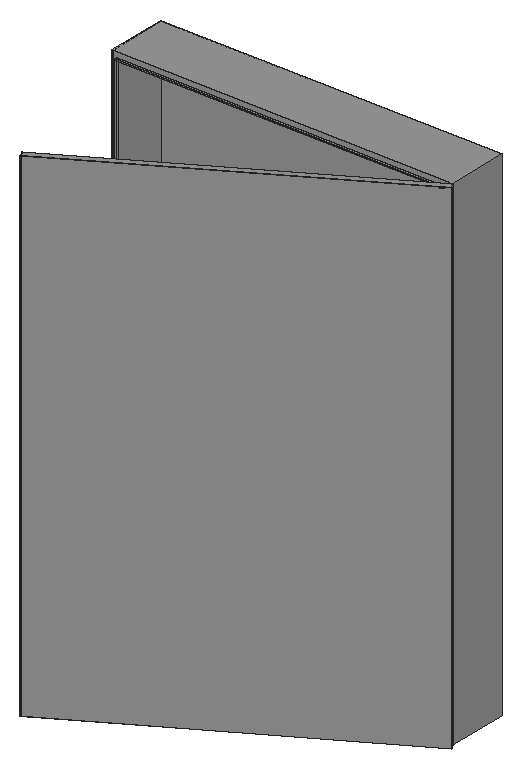
Revit family "Hager-Univers-IP54-D205-H550-Cl.I-encl-NoHosted-DE-de", category Equipement électrique, Revit 2020
Family settings
  Configuration du panneau = Deux colonnes, circuits au sein
  Cote de connecteur circulaire = Utiliser le diamètre
  Type d'élément = Tableau de raccordement
  Basée sur le plan de construction = Oui
  Toujours verticalement = Oui
  Couper avec des vides une fois chargée = Non
  Partagée = Non
  Point de calcul de pièce = Non
Parameters (values of type "Aufputz IP54 B1050 H1550 T205  - FP04TW2")
  Width Control [instance] = if([EF000008 - Breite] > Min Width, [EF000008 - Breite], Min Width)  # 1050 mm
  Commentaires du type = [HG000003 - Bereich]  # "Univers"
  Thickness Door [instance] = if([EF009171 - Materialstärke Tür/Deckel] > 3 mm, 3 mm, [EF009171 - Materialstärke Tür/Deckel])  # 1 mm
  Seal Frame Offset [instance] = 17 mm  # constant formula
  Plinth Visibility [instance] = [HG000027 - Sockelhöhe] > 0 mm  # no
  Min Width [instance] = 100 mm  # constant formula
  Min Depth [instance] = (2 * [EF009170 - Materialstärke Gehäuse]) + 1 mm  # 3 mm
  Min Height [instance] = 100 mm  # constant formula
  Internal Frame Depth [instance] = (Door System Depth * 0.5)  # 9 mm
  Panel Name [instance] = ""  # (empty or 0)
  Model = ""
  HG000027 - Sockelhöhe = 0 mm
  HG000026 - Stehend auf dem Boden = no
  HG000024 - Höhe des unteren Teils = 600 mm
  HG000023 - Gehäuse mit doppeltem Querschnitt = no
  HG000016 - 3D-Türsichtbarkeit [instance] = yes
  HG000015 - Sichtbarkeit der Türöffnung [instance] = no
  HG000014 - Tür rechts [instance] = yes
  HG000013 - Tür links [instance] = not([HG000014 - Tür rechts])  # no
  HG000012 - Türschwenkwinkel [instance] = 30.00°
  HG000010 - Asymmetrische Türen = no
  HG000009 - Doppelflügeligen Tür = no
  HG000006 - Unterputz = no
  HG000004 - Herstellerreferenz = "FP04TW2"
  HG000003 - Bereich = "Univers"
  HG000002 - Mit tür = yes
  Frame Offset Bottom [instance] = 10 mm  # constant formula
  Frame Offset [instance] = 15 mm  # constant formula
  EF015940 - Deckel mit Überdruckentlastung = no
  EF011959 - Schutzart (NEMA) = ""
  EF009554 - Anzahl der Öffnungen für Flanschplatten = 8
  EF009212 - Ausführung Deckel = "EV000116 - geschlossen"
  EF009171 - Materialstärke Tür/Deckel = 1 mm
  EF009170 - Materialstärke Gehäuse = 1 mm
  EF008873 - Nennstrom (In) = 400 A
  EF007800 - Geeignet für Blitzschutz = no
  EF006306 - Mit Schloss = no
  EF006244 - Transparenter Deckel/Tür = no
  EF005474 - Schutzart (IP) = "EV006419 - IP54"
  EF004464 - Art der Tür = "EV003602 - Doppel"
  EF004427 - Anzahl der Module = 480
  EF004293 - Schlagfestigkeit = "EV006815 - IK09"
  EF003532 - Geeignet für Außengebrauch = no
  EF002950 - Breite in Teilungseinheiten = 48
  EF001613 - Funktionserhalt = "EV000494 - ohne"
  EF001596 - Werkstoff des Gehäuses = "EV000179 - Stahl"
  EF001131 - Innentiefe = 205 mm
  EF001088 - Anbaumöglichkeit = yes
  EF000437 - Anzahl der Leitungseinführungen = 8
  EF000339 - Art der Abdeckung = "EV001012 - Deckel"
  EF000266 - Anzahl der Reihen = 10
  EF000218 - Einbautiefe = 205 mm
  EF000118 - Mit Montageplatte = no
  EF000116 - RAL-Nummer = "9010"
  EF000049 - Tiefe = 205 mm
  EF000040 - Höhe = 1550 mm
  EF000008 - Breite = 1050 mm
  EF000007 - Farbe = "EV000202 - weiß"
  EF000003 - Montageart = "EV000384 - Aufputz"
  Door System Leaf Tolerance [instance] = 1.5 mm  # constant formula
  Door System Depth [instance] = 18 mm  # constant formula
  Door Height [instance] = Height Control - [HG000027 - Sockelhöhe]  # 1550 mm
  Description = ""
  Default Elevation = 1219.2 mm
  Connector Offset [instance] = Height Control / 2  # 775 mm
  Fabricant = "Hager"  # constant formula
  Height Control [instance] = if([EF000040 - Höhe] > Min Height, [EF000040 - Höhe], Min Height)  # 1550 mm
  Depth Control [instance] = if([EF000049 - Tiefe] > Min Depth, [EF000049 - Tiefe], Min Depth)  # 205 mm
  Bottom Top Plate Trim [instance] = 1.5 mm  # constant formula
  Plinth height Ctrl [instance] = if([HG000027 - Sockelhöhe] > 0 mm, [HG000027 - Sockelhöhe], 12 mm)  # 12 mm
Reference planes
  plane 1 "Center (Front/Back)": y = 0
  plane 2: z = 0
  plane 3 "Center (Left/Right)": x = 0
  plane 4: y = 0
  plane 5: y = 0
  plane 6: z = 0
  plane 7: x = -525
  plane 8: x = 525
  plane 9: x = 524
  plane 10: x = -524
  plane 11: z = 0
  plane 12: z = 1
  plane 13: y = -205
  plane 14: y = -1
  plane 15: x = 0
  plane 16: y = -187
  plane 17: y = -204
  plane 18: y = -186
  plane 19: x = -509
  plane 20: x = 509
  plane 21: z = 11
  plane 22: x = -508
  plane 23: x = 508
  plane 24: z = 0
  plane 25: z = 1550
  plane 26: z = 1550
  plane 27: z = 1534
  plane 28: z = 1549
Forms (mm)
  Extrusion 1, solid, material "Hager_Steel_RAL7035_Light_Grey", detail levels medium+fine
    sketch origin (-208.679, -4572, 0) x (-1, 0, 0) y (0, -1, 0)
      loop
        line (316.321, -4385) -> (-733.679, -4385) -> (-733.679, -4572) -> (316.321, -4572) -> (316.321, -4385)
    from 0 to 1550
  Extrusion 2, void
    sketch origin (-350.771, -205, 1219.2) x (1, 0, 0) y (0, 0, 1)
      loop
        line (-173.229, 329.8) -> (-173.229, -1218.2) -> (874.771, -1218.2) -> (874.771, 329.8) -> (-173.229, 329.8)
    from -19 to -204
  Extrusion 3, void
    sketch origin (-290.084, -187, 1219.2) x (1, 0, 0) y (0, 0, 1)
      loop
        line (-218.916, -1208.2) -> (799.084, -1208.2) -> (799.084, 314.8) -> (-218.916, 314.8) -> (-218.916, -1208.2)
    from 0 to -1
  Extrusion 4, solid, material "Hager_Steel_RAL7035_Light_Grey", visible <- "Plinth Visibility", detail levels medium+fine
    sketch origin (0, 0, 0) x (1, 0, 0) y (0, 1, 0)
      loop
        line (-525, 0) -> (-525, -187) -> (525, -187) -> (525, 0) -> (-525, 0)
    from 0 to 12 <- "Plinth height Ctrl"
  Extrusion 5, solid, material "Hager_Steel_RAL7035_Light_Grey", detail levels coarse
    sketch origin (0, 0, 0) x (1, 0, 0) y (0, 1, 0)
      loop
        line (-525, 0) -> (-525, -205) -> (525, -205) -> (525, 0) -> (-525, 0)
    from 0 to 1550 <- "Height Control"
  Sweep 6, void
    path in 3D
      loop
        line (-525, -187, 12) -> (525, -187, 12) -> (525, 0, 12) -> (-525, 0, 12) -> (-525, -187, 12)
    profile origin (-525, -93.5, 12) x (1, 0, 0) y (0, 0, 1)
      loop
        line (0, 0) -> (0, -1.5) -> (1.5, -1.5)
        arc (1.5, -1.5) -> (1.061, -0.439) -> (0, 0) r 1.5
  Extrusion 7, solid, material "Hager_Steel_RAL7035_Light_Grey", detail levels fine
    sketch origin (-525, -187, 0) x (1, 0, 0) y (0, 0, 1)
      loop
        line (16, 11) -> (1034, 11) -> (1034, 1534) -> (16, 1534) -> (16, 11)
      loop
        line (15, 10) -> (1035, 10) -> (1035, 1535) -> (15, 1535) -> (15, 10)
    from 0 to 9 <- "Internal Frame Depth"
Cuts and joins
  Extrusion 2, Extrusion 3 cuts Extrusion 1
  Sweep 6 cuts Extrusion 4
Lines and regions (mm)
  Masking region 1
    outline origin (0, 0, 0) x (1, 0, 0) y (0, 1, 0)
      loop
        line (-525, 0) -> (-525, -205) -> (525, -205) -> (525, 0) -> (-525, 0)
  Masking region 2, detail levels coarse
    outline origin (-290.084, -187, 1219.2) x (-1, 0, 0) y (0, 0, 1)
      loop
        line (-815.084, -1219.2) -> (234.916, -1219.2) -> (234.916, 330.8) -> (-815.084, 330.8) -> (-815.084, -1219.2)
  Masking region 3, detail levels coarse
    outline origin (0, 0, 0) x (0, 1, 0) y (0, 0, 1)
      loop
        line (0, 0) -> (0, 1550) -> (-205, 1550) -> (-205, 0) -> (0, 0)
  Masking region 4, visible <- "Plinth Visibility", detail levels medium+fine
    outline origin (0, 0, 0) x (0, 1, 0) y (0, 0, 1)
      loop
        line (-1.5, 12) -> (-185.5, 12)
        arc (-185.5, 12) -> (-185.939, 10.939) -> (-187, 10.5) r 1.5
        line (-187, 10.5) -> (-187, 0) -> (0, 0) -> (0, 10.5)
        arc (0, 10.5) -> (-1.061, 10.939) -> (-1.5, 12) r 1.5
  Masking region 5, detail levels medium+fine
    outline origin (0, 0, 594.038) x (0, 1, 0) y (0, 0, 1)
      loop
        line (0, -594.038) -> (0, 955.962) -> (-187, 955.962) -> (-187, -594.038) -> (0, -594.038)
  Masking region 6, detail levels medium+fine
    outline origin (-359.7, -187, 1211.883) x (-1, 0, 0) y (0, 0, 1)
      loop
        line (-884.7, -1211.883) -> (165.3, -1211.883) -> (165.3, 338.117) -> (-884.7, 338.117) -> (-884.7, -1211.883)
  Masking region 7, visible <- "Plinth Visibility", detail levels medium+fine
    outline origin (-320.334, -187, 1041.368) x (-1, 0, 0) y (0, 0, 1)
      loop
        line (-845.334, -1041.368) -> (204.666, -1041.368) -> (204.666, -1030.868)
        arc (204.666, -1030.868) -> (203.606, -1030.429) -> (203.166, -1029.368) r 1.5
        line (203.166, -1029.368) -> (-843.834, -1029.368)
        arc (-843.834, -1029.368) -> (-844.273, -1030.429) -> (-845.334, -1030.868) r 1.5
        line (-845.334, -1030.868) -> (-845.334, -1041.368)
  sketch lines
    curve 1: line (-525, 0, 12) -> (-525, -187, 12)
    curve 2: line (-525, -187, 12) -> (525, -187, 12)
    curve 3: line (525, 0, 12) -> (-525, 0, 12)
    curve 4: line (525, -187, 12) -> (525, 0, 12)
Dimensions and locks
  locked: plane 1 "Center (Front/Back)" to plane 5
  "EF009170 - Materialstärke Gehäuse": plane 7 to plane 10
  "EF009170 - Materialstärke Gehäuse": plane 8 to plane 9
  equal spacing: plane 7, plane 3 "Center (Left/Right)", plane 8
  "Width Control": plane 7 to plane 8
  "Depth Control": plane 4 to plane 13
  "EF009170 - Materialstärke Gehäuse": plane 4 to plane 14
  "Height Control": plane 25 to level
  "HG000027 - Sockelhöhe": plane 11 to level
  "EF009170 - Materialstärke Gehäuse": plane 12 to plane 11
  "EF009170 - Materialstärke Gehäuse": plane 17 to plane 13
  "EF009170 - Materialstärke Gehäuse": plane 18 to plane 16
  "Frame Offset Bottom": plane 21 to plane 12
  "Frame Offset": plane 10 to plane 19
  "Frame Offset": plane 9 to plane 20
  "Door System Depth": plane 16 to plane 13
  "Seal Frame Offset": plane 7 to plane 22
  "Seal Frame Offset": plane 8 to plane 23
  "EF009170 - Materialstärke Gehäuse": plane 26 to plane 28
  "Frame Offset": plane 28 to plane 27
  "Connector Offset": plane 2 to connector elem
  "Bottom Top Plate Trim": profile plane to Sweep 6 sketch curve
  "Bottom Top Plate Trim": Sweep 6 sketch curve to Sweep 6 sketch curve
  "Plinth height Ctrl": Masking region 4 sketch curve to level
  "Plinth height Ctrl": Masking region 7 sketch curve to level
  "Thickness Door": Extrusion 7 sketch curve to Extrusion 7 sketch curve  (x4)
  "Bottom Top Plate Trim": radius of Sweep 6 sketch curve
  "Bottom Top Plate Trim": radius of Masking region 4 sketch curve  (x2)
  "Bottom Top Plate Trim": radius of Masking region 7 sketch curve  (x2)
  aligned and locked: Extrusion 2 sketch curve to plane 12
  aligned and locked: Extrusion 2 sketch curve to plane 9
  aligned and locked: Extrusion 2 sketch curve to plane 10
  aligned and locked: Extrusion 2 to plane 14
  aligned and locked: Extrusion 1 sketch curve to plane 4
  aligned and locked: plane 8 to Extrusion 1 sketch curve
  aligned and locked: plane 7 to Extrusion 1 sketch curve
  aligned and locked: Extrusion 2 to plane 18
  aligned and locked: Extrusion 3 sketch curve to plane 19
  aligned and locked: plane 20 to Extrusion 3 sketch curve
  aligned and locked: Extrusion 3 to Extrusion 2
  aligned and locked: Extrusion 3 sketch curve to plane 21
  aligned and locked: plane 3 "Center (Left/Right)" to nested 1
  aligned and locked: Extrusion 1 sketch curve to plane 16
  aligned and locked: Extrusion 4 sketch curve to cut or joined group of Extrusion 1, Extrusion 2, Extrusion 3
  aligned and locked: Masking region 1 sketch curve to plane 7
  aligned and locked: Masking region 1 sketch curve to plane 5
  aligned and locked: Masking region 1 sketch curve to plane 8
  aligned and locked: Masking region 2 sketch curve to level
  aligned and locked: level to Masking region 3 sketch curve
  aligned and locked: plane 1 "Center (Front/Back)" to Masking region 3 sketch curve
  aligned and locked: plane 13 to Masking region 3 sketch curve
  aligned and locked: plane 5 to Masking region 4 sketch curve
  aligned and locked: Masking region 2 sketch curve to plane 8
  aligned and locked: Masking region 2 sketch curve to plane 7
  aligned and locked: plane 7 to nested 2
  aligned and locked: nested 2 to plane 5
  aligned and locked: plane 5 to Masking region 5 sketch curve
  aligned and locked: plane 26 to Masking region 5 sketch curve
  aligned and locked: Extrusion 5 sketch curve to plane 8
  aligned and locked: Extrusion 5 sketch curve to plane 7
  aligned and locked: Extrusion 5 sketch curve to plane 5
  aligned and locked: Extrusion 3 sketch curve to plane 27
  aligned and locked: Extrusion 2 sketch curve to plane 28
  aligned and locked: Masking region 2 to plane 25
  aligned and locked: Extrusion 4 to plane 16
  aligned and locked: profile plane to Sweep 6 sketch curve
  aligned and locked: Masking region 5 sketch curve to plane 24
  aligned and locked: level to Masking region 4 sketch curve
  aligned and locked: Masking region 1 to plane 13
  aligned and locked: nested 1 to plane 16
  aligned and locked: Masking region 3 to plane 25
  aligned and locked: plane 16 to Masking region 4 sketch curve
  aligned and locked: Masking region 5 sketch curve to plane 16
  aligned and locked: plane 24 to plane 11
  aligned and locked: plane 26 to plane 25
  aligned and locked: plane 26 to cut or joined group of Extrusion 1, Extrusion 2, Extrusion 3
  aligned and locked: nested 1 to plane 24
  aligned and locked: Extrusion 1 to Extrusion 3
  aligned and locked: Masking region 6 sketch curve to plane 8
  aligned and locked: Masking region 6 sketch curve to plane 24
  aligned and locked: Masking region 6 sketch curve to plane 7
  aligned and locked: Masking region 6 sketch curve to plane 26
  aligned and locked: Masking region 7 sketch curve to plane 7
  aligned and locked: level to Masking region 7 sketch curve
  aligned and locked: Masking region 7 sketch curve to plane 8
  aligned and locked: Extrusion 7 sketch curve to cut or joined group of Extrusion 1, Extrusion 2, Extrusion 3  (x4)
Automatic sketch dimensions
  plane 19 to Extrusion 3 sketch curve = 0 mm
  Extrusion 3 sketch curve to plane 20 = 0 mm
  Extrusion 3 sketch curve to plane 21 = 0 mm
  Extrusion 4 sketch curve to plane 7 = 0 mm
  Extrusion 4 sketch curve to plane 8 = 0 mm
  Extrusion 4 sketch curve to plane 16 = 0 mm
  Masking region 1 sketch curve to plane 13 = 0 mm
  Masking region 2 sketch curve to plane 25 = 0 mm
  Masking region 3 sketch curve to plane 25 = 0 mm
  Extrusion 5 sketch curve to plane 13 = 0 mm
  profile plane to Sweep 6 sketch curve = 0 mm
Nested families
  nested 1: "EC000058_Univers_Door" at (0, -187, 0), Double <- "HG000009 - Doppelflügeligen Tür", Transparent <- "EF006244 - Transparenter Deckel/Tür", Angle <- "HG000012 - Türschwenkwinkel", Door_Right <- "HG000014 - Tür rechts", Assymetrical <- "HG000010 - Asymmetrische Türen", Door <- "HG000002 - Mit tür", Width_Ctrl <- "Width Control", 3d_Door <- "HG000016 - 3D-Türsichtbarkeit", Clearance <- "HG000015 - Sichtbarkeit der Türöffnung", Door_Left <- "HG000013 - Tür links", Width <- "Width Control", Door_Depth <- "Door System Depth", Leaf_Tolerance <- "Door System Leaf Tolerance", Height <- "Door Height", Lock_Visibility <- "EF006306 - Mit Schloss", Thickness <- "Thickness Door", type "EC000058_Univers_Door", detail levels medium+fine
    with min_wh 3 mm, Width_Ctrl 1050 mm, Width 1050 mm, Transparent no, Thickness 1 mm, Seal_Material Hager_Rubber, Lock_Visibility no, Lock_Material Hager_Plastic_RAL9005_Jet_Black, Leaf_Width 1050 mm, Leaf_Tolerance_External_Sides 0 mm, Leaf_Tolerance 1.5 mm, Leaf_Offset 0 mm, Leaf_Height 1547 mm, Leaf_2_Width 1050 mm, Leaf_2_Offset 525 mm, Leaf_1_Width 1050 mm, Leaf_1_Offset 525 mm, Height_Ctrl 1550 mm, Height 1550 mm, Glass_Material Hager_Glass, Double_Clearance_Ctrl no, Double no, Door_Right_Ctrl yes, Door_Right yes, Door_Material Hager_Steel_RAL7035_Light_Grey, Door_Left_Ctrl no, Door_Left no, Door_Depth 18 mm, Door yes, Clearance_Material Hager_Clearance, Clearance_Depth 1050 mm, Clearance_Ctrl no, Clearance no, Assymetrical no, Angle 30.00°, 3d_Door yes
  nested 2: "Hager_Enclosure_Symbol" at (-525, 0, 0), Height <- "Depth Control", Width <- "Width Control", type "Hager_Enclosure_Symbol"
    with Width_Ctrl 1050 mm, Width 1050 mm, Height_Ctrl 205 mm, Height 205 mm, A_Width_Int 13.453 mm, A_Width 161.438 mm, A_Height_Ctrl 179.375 mm, A_Height 179.375 mm
Connectors
  electrical at (0, 0, 775)
    settings: on plane 1 "Center (Front/Back)", index 1, voltage 0 V, apparent load 0 VA, apparent load phase1 0 VA, apparent load phase2 0 VA, apparent load phase3 0 VA, power factor 1, load classification "Other", number of poles 1, system type 30, power factor state 1, is connector primary yes, connector utility no, sub classification motor no, connector description ""
Definition of nested family "EC000058_Univers_Door"
  Parameters (values of type "EC000058_Univers_Door")
    min_wh [instance] = (2 * Thickness) + 1 mm  # 11 mm
    Width_Ctrl [instance] = 400 mm
    Width [instance] = 500 mm
    Transparent [instance] = yes
    Thickness [instance] = 5 mm
    Seal_Material [instance] = none
    Lock_Visibility [instance] = yes
    Lock_Material [instance] = none
    Leaf_Width [instance] = if((Width_Ctrl - 2 * Leaf_Tolerance_External_Sides) > 0 mm, (Width_Ctrl - 2 * Leaf_Tolerance_External_Sides), min_wh)  # 400 mm
    Leaf_Tolerance_External_Sides [instance] = 0 mm  # constant formula
    Leaf_Tolerance [instance] = 1.5 mm
    Leaf_Offset [instance] = 0 mm  # constant formula
    Leaf_Height [instance] = if((Height_Ctrl - 2 * Leaf_Tolerance) > 0 mm, (Height_Ctrl - 2 * Leaf_Tolerance), min_wh)  # 497 mm
    Leaf_2_Width [instance] = if(and(and(Double, Assymetrical), Door_Left), (Leaf_Width / 3) - (Leaf_Tolerance / 2), if(and(and(Double, Assymetrical), Door_Right), (Leaf_Width / 3) * 2 - (Leaf_Tolerance / 2), if(and(Double, not(Assymetrical)), (Leaf_Width / 2) - Leaf_Tolerance, Leaf_Width)))  # 400 mm
    Leaf_2_Offset [instance] = if(and(Double, Assymetrical), Leaf_2_Width / 2, if(and(Double, not(Assymetrical)), Leaf_Width / 4, Leaf_Width / 2))  # 200 mm
    Leaf_1_Width [instance] = if(and(and(Double, Assymetrical), Door_Right), (Leaf_Width / 3) - (Leaf_Tolerance / 2), if(and(and(Double, Assymetrical), Door_Left), (Width / 3) * 2 - (Leaf_Tolerance / 2), if(and(Double, not(Assymetrical)), (Leaf_Width / 2) - Leaf_Tolerance, Leaf_Width)))  # 400 mm
    Leaf_1_Offset [instance] = if(and(Double, Assymetrical), Leaf_1_Width / 2, if(and(Double, not(Assymetrical)), Leaf_Width / 4, Leaf_Width / 2))  # 200 mm
    Height_Ctrl [instance] = if(Height > min_wh, Height, min_wh)  # 500 mm
    Height [instance] = 500 mm
    Glass_Material [instance] = none
    Double_Clearance_Ctrl [instance] = and(Double, Clearance)  # no
    Double [instance] = no
    Door_Right_Ctrl [instance] = and(or(Door_Right, Double), Door)  # yes
    Door_Right [instance] = yes
    Door_Material [instance] = none
    Door_Left_Ctrl [instance] = and(or(Door_Left, Double), Door)  # no
    Door_Left [instance] = no
    Door_Depth [instance] = 30 mm
    Door [instance] = yes
    Default Elevation = 1219.2 mm
    Clearance_Material [instance] = none
    Clearance_Depth [instance] = if(Leaf_1_Width > Leaf_2_Width, Leaf_1_Width, Leaf_2_Width)  # 400 mm
    Clearance_Ctrl [instance] = and(not(Double), Clearance)  # yes
    Clearance [instance] = yes
    Assymetrical [instance] = yes
    Angle [instance] = 30.00°
    3d_Door [instance] = yes
  Reference planes
    plane 1 "Center (Front/Back)": y = 0
    plane 2 "Bottom": z = 0
    plane 3 "Center (Left/Right)": x = 0
    plane 4: z = 500
    plane 5: x = -200
    plane 6: x = 200
    plane 7: z = 500
    plane 8: x = -200
    plane 9: z = 0
    plane 10: x = 200
    plane 11: y = 0
    plane 12: z = 1.5
    plane 13: x = -600
    plane 14: y = -400
    plane 15: x = 600
    plane 16: x = 0
    plane 17: x = 0
    plane 18: x = -200
    plane 19: x = 200
    plane 20: z = 498.5
  Forms (mm)
    Extrusion 1, solid, material <- "Clearance_Material", visible <- "Double_Clearance_Ctrl"
      sketch origin (1200, 0, 0) x (1, 0, 0) y (0, 0, -1)
        loop
          line (-1800, -498.5) -> (-600, -498.5) -> (-600, 0) -> (-1800, 0) -> (-1800, -498.5)
      from 0 to -400
  Dimensions and locks
    equal spacing: plane 5, plane 3 "Center (Left/Right)", plane 6
    "Width_Ctrl": plane 5 to plane 6
    "Leaf_Offset": plane 5 to plane 8
    "Leaf_Offset": plane 6 to plane 10
    "Leaf_Offset": plane 9 to level
    "Leaf_Offset": plane 4 to plane 7
    "Height_Ctrl": plane 4 to level
    "Leaf_Tolerance": plane 12 to plane 9
    locked: plane 11 to plane 1 "Center (Front/Back)"
    "Leaf_1_Offset": plane 18 to plane 16
    "Leaf_2_Offset": plane 17 to plane 19
    "Leaf_1_Width": plane 13 to plane 8
    "Leaf_2_Width": plane 10 to plane 15
    "Clearance_Depth": plane 14 to plane 1 "Center (Front/Back)"
    "Leaf_Tolerance_External_Sides": plane 8 to plane 18
    "Leaf_Tolerance_External_Sides": plane 19 to plane 10
    "Leaf_Tolerance": plane 7 to plane 20
    aligned and locked: level to plane 2 "Bottom"
    aligned and locked: nested 1 to plane 16
    aligned and locked: nested 2 to plane 17
    aligned and locked: Extrusion 1 to plane 13
    aligned and locked: plane 15 to Extrusion 1
    aligned and locked: Extrusion 1 to plane 14
    aligned and locked: plane 12 to nested 1
    aligned and locked: nested 2 to plane 12
    aligned and locked: Extrusion 1 to plane 11
    aligned and locked: plane 20 to Extrusion 1
    aligned and locked: nested 2 to plane 11
    aligned and locked: nested 1 to plane 11
  Automatic sketch dimensions
    Extrusion 1 sketch curve to level = 0 mm
    plane 5 to Extrusion 1 sketch curve = 400 mm
    plane 6 to Extrusion 1 sketch curve = 400 mm
    Extrusion 1 sketch curve to plane 4 = 1.5 mm
  Nested families
    nested 1: "EC000058_Univers_Door_Leaf" at (0, 0, 1.5), Width <- "Leaf_1_Width", visible <- "Door_Left_Ctrl", Leaf_Height <- "Leaf_Height", Angle <- "Angle", 3d_Door <- "3d_Door", Transparent <- "Transparent", Clearance Material <- "Clearance_Material", Clearance <- "Clearance_Ctrl", Door_Material <- "Door_Material", Glass_Material <- "Glass_Material", Door_Depth <- "Door_Depth", Lock_Material <- "Lock_Material", Seal_Material <- "Seal_Material", Lock_Visibility <- "Lock_Visibility", Thickness <- "Thickness", type "EC000058_Univers_Door_Leaf"
      with Width 400 mm, Transparent_Glass_Offset 30 mm, Transparent_Ctrl yes, Transparent yes, Thickness 5 mm, Standard no, Seal_Material none, Seal_D2 8 mm, Seal_D1 1 mm, Offset_Internal_Frame 10 mm, Lock_Width 20 mm, Lock_Visibility_3d yes, Lock_Visibility yes, Lock_Thickness_3 3 mm, Lock_Thickness_2 1 mm, Lock_Thickness_1 3 mm, Lock_Radius_Offset_2 16 mm, Lock_Radius_Offset_1 15 mm, Lock_Radius_2 5 mm, Lock_Radius 6 mm, Lock_Offset 5 mm, Lock_Material none, Lock_Height 80 mm, Lock_Cover_Top_Offset_2d 17 mm, Lock_Cover_Height -65 mm, Leaf_Height 497 mm, Internal_Seal_Thickness 8 mm, Internal_Seal_Depth_2 4.5 mm, Internal_Frame_Depth 25 mm, Glass_Thickness -1 mm, Glass_Offset -2 mm, Glass_Material none, Door_Material none, Door_Depth 30 mm, Clearance Material none, Clearance yes, Angle_Ctrl 30.00°, Angle 30.00°, 3d_Door yes
    nested 2: "EC000058_Univers_Door_Leaf" at (0, 0, 1.5) x (-1, 0, 0) z (0, 0, 1), Width <- "Leaf_2_Width", visible <- "Door_Right_Ctrl", Leaf_Height <- "Leaf_Height", Angle <- "Angle", 3d_Door <- "3d_Door", Transparent <- "Transparent", Clearance Material <- "Clearance_Material", Clearance <- "Clearance_Ctrl", Door_Material <- "Door_Material", Glass_Material <- "Glass_Material", Door_Depth <- "Door_Depth", Lock_Material <- "Lock_Material", Seal_Material <- "Seal_Material", Lock_Visibility <- "Lock_Visibility", Thickness <- "Thickness", type "EC000058_Univers_Door_Leaf"
      with Width 400 mm, Transparent_Glass_Offset 30 mm, Transparent_Ctrl yes, Transparent yes, Thickness 5 mm, Standard no, Seal_Material none, Seal_D2 8 mm, Seal_D1 1 mm, Offset_Internal_Frame 10 mm, Lock_Width 20 mm, Lock_Visibility_3d yes, Lock_Visibility yes, Lock_Thickness_3 3 mm, Lock_Thickness_2 1 mm, Lock_Thickness_1 3 mm, Lock_Radius_Offset_2 16 mm, Lock_Radius_Offset_1 15 mm, Lock_Radius_2 5 mm, Lock_Radius 6 mm, Lock_Offset 5 mm, Lock_Material none, Lock_Height 80 mm, Lock_Cover_Top_Offset_2d 17 mm, Lock_Cover_Height -65 mm, Leaf_Height 497 mm, Internal_Seal_Thickness 8 mm, Internal_Seal_Depth_2 4.5 mm, Internal_Frame_Depth 25 mm, Glass_Thickness -1 mm, Glass_Offset -2 mm, Glass_Material none, Door_Material none, Door_Depth 30 mm, Clearance Material none, Clearance yes, Angle_Ctrl 30.00°, Angle 30.00°, 3d_Door yes
  Definition of nested family "EC000058_Univers_Door_Leaf"
    Parameters (values of type "EC000058_Univers_Door_Leaf")
      Width [instance] = 2000 mm
      Transparent_Glass_Offset [instance] = 30 mm
      Transparent_Ctrl [instance] = and(Transparent, [3d_Door])  # yes
      Transparent [instance] = yes
      Thickness [instance] = 5 mm
      Standard [instance] = and(not(Transparent), [3d_Door])  # no
      Seal_Material [instance] = none
      Seal_D2 [instance] = 8 mm  # constant formula
      Seal_D1 [instance] = 1 mm  # constant formula
      Offset_Internal_Frame [instance] = 10 mm  # constant formula
      Lock_Width [instance] = 20 mm  # constant formula
      Lock_Visibility_3d [instance] = and(Lock_Visibility, [3d_Door])  # yes
      Lock_Visibility [instance] = yes
      Lock_Thickness_3 [instance] = 3 mm  # constant formula
      Lock_Thickness_2 [instance] = 1 mm  # constant formula
      Lock_Thickness_1 [instance] = 3 mm  # constant formula
      Lock_Radius_Offset_2 [instance] = Lock_Radius_Offset_1 + 1 mm  # 16 mm
      Lock_Radius_Offset_1 [instance] = 15 mm  # constant formula
      Lock_Radius_2 [instance] = Lock_Radius - 1 mm  # 5 mm
      Lock_Radius [instance] = 6 mm  # constant formula
      Lock_Offset [instance] = 5 mm  # constant formula
      Lock_Material [instance] = none
      Lock_Height [instance] = 80 mm  # constant formula
      Lock_Cover_Top_Offset_2d [instance] = Lock_Radius_Offset_2 + 1 mm  # 17 mm
      Lock_Cover_Height [instance] = -(Lock_Height - Lock_Radius_Offset_1)  # -65 mm
      Leaf_Height [instance] = 2720.336 mm
      Internal_Seal_Thickness [instance] = 8 mm  # constant formula
      Internal_Seal_Depth_2 [instance] = 4.5 mm  # constant formula
      Internal_Frame_Depth [instance] = if(Door_Depth - Thickness > 5 mm, Door_Depth - Thickness, 5 mm)  # 25 mm
      Glass_Thickness [instance] = if(Thickness > 15 mm, Glass_Offset + 10 mm, -1 mm)  # -1 mm
      Glass_Offset [instance] = if(Thickness > 15 mm, -(Thickness + 10 mm) / 2, -2 mm)  # -2 mm
      Glass_Material [instance] = none
      Door_Material [instance] = none
      Door_Depth [instance] = 30 mm
      Default Elevation = 0 mm
      Clearance Material [instance] = none
      Clearance [instance] = yes
      Angle_Ctrl [instance] = if(Angle > 180.00°, 180.00°, Angle)  # 90.00°
      Angle [instance] = 90.00°
      3d_Door [instance] = yes
    Reference planes
      plane 1 "Center (Front/Back)": y = 0
      plane 2: z = 0
      plane 3 "Center (Left/Right)": x = 0
      plane 4: y = 2000
      plane 5: x = -1000
      plane 6: x = 1000
      plane 7: x = -3000
      plane 8: z = 2720.336
      plane 9: z = 30
      plane 10: z = 2690.336
      plane 11: x = 970
      plane 12: x = -970
      plane 13: y = -3
      plane 14: z = 107.833
      plane 15: y = -5
      plane 16: y = -223.314
      plane 17: x = -1000
      plane 18: z = 1360.168
      plane 19: y = 30
    Forms (mm)
      Extrusion 1, solid, material <- "Clearance Material", visible <- "Clearance"
        sketch origin (0, 0, 0) x (1, 0, 0) y (0, 0, 1)
          loop
            line (-3000, 2720.336) -> (-3000, 0) -> (1000, 0) -> (1000, 2720.336) -> (-3000, 2720.336)
        from 0 to -2000
      Extrusion 2, solid, material <- "Door_Material", visible <- "Standard", detail levels medium+fine
        sketch origin (-1000, 0, 0) x (0, 1, 0) y (-1, 0, 0)
          loop
            line (0, 30) -> (0, 25) -> (2000, 25) -> (2000, 30) -> (0, 30)
        from 0 to 2720.336 <- "Leaf_Height"
      Extrusion 3, solid, material <- "Door_Material", visible <- "Transparent_Ctrl", detail levels medium+fine
        sketch origin (-1000, 0, 0) x (0, 1, 0) y (-1, 0, 0)
          loop
            line (0, 25) -> (2000, 25) -> (2000, 30) -> (0, 30) -> (0, 25)
        from 0 to 2720.336 <- "Leaf_Height"
      Extrusion 4, void
        sketch origin (-1025, 2000, 0) x (0, 1, 0) y (0, 0, -1)
          loop
            line (-30, -2690.336) -> (-30, -30) -> (-1970, -30) -> (-1970, -2690.336) -> (-30, -2690.336)
        from 0 to 5 <- "Thickness"
      Sweep 5, solid, material <- "Seal_Material", visible <- "Transparent_Ctrl", detail levels fine
        path in 3D
          loop
            line (-1025, 30, 30) -> (-1025, 30, 2690.336) -> (-1025, 1970, 2690.336) -> (-1025, 1970, 30) -> (-1025, 30, 30)
        profile origin (-1025, 1000, 30) x (1, 0, 0) y (0, 0, 1)
          loop
            line (0, 0) -> (0, -8) -> (1, -8) -> (1, 0) -> (0, 0)
      Extrusion 6, solid, material <- "Glass_Material", visible <- "Transparent_Ctrl", detail levels medium+fine
        sketch origin (-1030, 0, 0) x (0, 1, 0) y (0, 0, -1)
          loop
            line (1970, -2690.336) -> (1970, -30) -> (30, -30) -> (30, -2690.336) -> (1970, -2690.336)
        from -2 <- "Glass_Offset" to -1 <- "Glass_Thickness"
      Extrusion 7, solid, material <- "Door_Material", visible <- "3d_Door", detail levels medium+fine
        sketch origin (-1025, 2000, 0) x (0, -1, 0) y (0, 0, -1)
          loop
            line (0, -2720.336) -> (2000, -2720.336) -> (2000, 0) -> (0, 0) -> (0, -2720.336)
          loop
            line (1995, -5) -> (5, -5) -> (5, -2715.336) -> (1995, -2715.336) -> (1995, -5)
        from 0 to 25 <- "Internal_Frame_Depth"
      Sweep 8, solid, material <- "Seal_Material", visible <- "Transparent_Ctrl", detail levels fine
        path in 3D
          loop
            line (-1025, 0, 0) -> (-1025, 2000, 0) -> (-1025, 2000, 2720.336) -> (-1025, 0, 2720.336) -> (-1025, 0, 0)
        profile origin (-1025, 0, 1360.168) x (1, 0, 0) y (0, 1, 0)
          loop
            line (0, 10) -> (2.975, 10)
            arc (2.975, 10) -> (4.053, 10.447) -> (4.5, 11.525) r 1.525
            line (4.5, 11.525) -> (4.5, 16.527)
            arc (4.5, 16.527) -> (4.069, 17.569) -> (3.027, 18) r 1.473
            line (3.027, 18) -> (0, 18) -> (0, 10)
      Extrusion 9, solid, material <- "Lock_Material", visible <- "Lock_Visibility_3d", detail levels fine
        sketch origin (-1030, 0, 0) x (0, 1, 0) y (0, 0, -1)
          loop
            arc (1993.5, -1400.168) -> (1994.561, -1399.729) -> (1995, -1398.668) r 1.5
            line (1995, -1398.668) -> (1995, -1320.168) -> (1975, -1320.168) -> (1975, -1398.668)
            arc (1975, -1398.668) -> (1975.439, -1399.729) -> (1976.5, -1400.168) r 1.5
            line (1976.5, -1400.168) -> (1993.5, -1400.168)
        from 3 <- "Lock_Thickness_1" to 0
      Blend 10, solid, material <- "Lock_Material", visible <- "Lock_Visibility_3d", detail levels fine
        base sketch origin (-1033, 0, 0) x (0, 1, 0) y (0, 0, -1)
          loop
            line (1975, -1320.168) -> (1975, -1398.668)
            arc (1975, -1398.668) -> (1975.439, -1399.729) -> (1976.5, -1400.168) r 1.5
            line (1976.5, -1400.168) -> (1993.5, -1400.168)
            arc (1993.5, -1400.168) -> (1994.561, -1399.729) -> (1995, -1398.668) r 1.5
            line (1995, -1398.668) -> (1995, -1320.168) -> (1975, -1320.168)
        top sketch origin (-1033, 0, 0) x (0, 1, 0) y (0, 0, -1)
          loop
            line (1976, -1320.168) -> (1976, -1398.668)
            arc (1976, -1398.668) -> (1976.146, -1399.022) -> (1976.5, -1399.168) r 0.5
            line (1976.5, -1399.168) -> (1993.5, -1399.168)
            arc (1993.5, -1399.168) -> (1993.854, -1399.022) -> (1994, -1398.668) r 0.5
            line (1994, -1398.668) -> (1994, -1320.168) -> (1976, -1320.168)
        from 0 to 1 <- "Lock_Thickness_2"
      Blend 11, solid, material <- "Lock_Material", visible <- "Lock_Visibility_3d", detail levels fine
        base sketch origin (-1034, 0, 0) x (0, 1, 0) y (0, 0, -1)
          loop
            line (1978, -1320.168) -> (1978, -1384.168)
            arc (1978, -1384.168) -> (1985, -1391.168) -> (1992, -1384.168) r 7
            line (1992, -1384.168) -> (1992, -1320.168) -> (1978, -1320.168)
        top sketch origin (-1034, 0, 0) x (0, 1, 0) y (0, 0, -1)
          loop
            line (1991, -1320.168) -> (1979, -1320.168) -> (1979, -1383.168)
            arc (1979, -1383.168) -> (1985, -1389.168) -> (1991, -1383.168) r 6
            line (1991, -1383.168) -> (1991, -1320.168)
        from 0 to 3 <- "Lock_Thickness_3"
      Extrusion 12, solid, material <- "Lock_Material", visible <- "Lock_Visibility_3d", detail levels fine
        sketch origin (-1030, 1975, 1320.168) x (1, 0, 0) y (0, -1, 0)
          loop
            line (-7, -19) -> (-7, -1) -> (0, -1) -> (0, 0) -> (-8, 0) -> (-8, -20) -> (0, -20) -> (0, -19) -> (-7, -19)
        from 0 to -65 <- "Lock_Cover_Height"
      Extrusion 13, void
        sketch origin (-1038, 1995, 1320.168) x (-1, 0, 0) y (0, 0, -1)
          loop
            line (-5, -65) -> (0, -65) -> (-5, -60) -> (-5, -65)
        from 0 to 20 <- "Lock_Width"
      Extrusion 14, void
        sketch origin (-1038, 1975, 1320.168) x (0, -1, 0) y (0, 0, -1)
          loop
            circle (-10, -15.995) r 6
          loop
            circle (-10, -15.995) r 5
        from 0 to 2
      Extrusion 15, solid, material <- "Lock_Material", visible <- "Lock_Visibility_3d", detail levels medium
        sketch origin (-1030, 0, 0) x (0, 1, 0) y (0, 0, -1)
          loop
            arc (1993.5, -1400.168) -> (1994.561, -1399.729) -> (1995, -1398.668) r 1.5
            line (1995, -1398.668) -> (1995, -1320.168) -> (1975, -1320.168) -> (1975, -1398.668)
            arc (1975, -1398.668) -> (1975.439, -1399.729) -> (1976.5, -1400.168) r 1.5
            line (1976.5, -1400.168) -> (1993.5, -1400.168)
        from 8 to 0
    Cuts and joins
      Extrusion 4 cuts Extrusion 3
      Extrusion 13, Extrusion 14 cuts Extrusion 9
      Extrusion 14 cuts Blend 11
      Extrusion 13, Extrusion 14 cuts Extrusion 12
      joined: Extrusion 9, Blend 10, Blend 11, Extrusion 12
      Extrusion 14 cuts Extrusion 15
    Lines and regions (mm)
      Masking region 1, visible <- "Lock_Visibility", detail levels fine
        outline origin (0, 0, 0) x (0, 1, 0) y (0, 0, 1)
          loop
            line (30, 1320.168) -> (33, 1320.168) -> (33, 1400.168) -> (30, 1400.168) -> (30, 1320.168)
      Masking region 2, visible <- "Lock_Visibility", detail levels fine
        outline origin (0, 3.143, 0) x (0, 1, 0) y (0, 0, 1)
          loop
            line (29.857, 1354.168) -> (30.857, 1354.168) -> (30.857, 1366.168) -> (29.857, 1366.168) -> (29.857, 1354.168)
      Masking region 3, detail levels medium+fine
        outline origin (0, 0, 0) x (0, 1, 0) y (0, 0, 1)
          loop
            line (0, 0) -> (30, 0) -> (30, 2720.336) -> (0, 2720.336) -> (0, 0)
      Masking region 4, detail levels medium+fine
        outline origin (0, 0, 0) x (1, 0, 0) y (0, 0, 1)
          loop
            line (-1000, 2720.336) -> (-1000, 0) -> (1000, 0) -> (1000, 2720.336) -> (-1000, 2720.336)
      Masking region 5, visible <- "Lock_Visibility", detail levels fine
        outline origin (-47.116, 0, 0) x (1, 0, 0) y (0, 0, 1)
          loop
            arc (1024.616, 1399.168) -> (1023.556, 1398.729) -> (1023.116, 1397.668) r 1.5
            line (1023.116, 1397.668) -> (1023.116, 1320.168) -> (1041.116, 1320.168) -> (1041.116, 1397.668)
            arc (1041.116, 1397.668) -> (1040.677, 1398.729) -> (1039.616, 1399.168) r 1.5
            line (1039.616, 1399.168) -> (1024.616, 1399.168)
      Masking region 6, visible <- "Lock_Visibility", detail levels medium+fine
        outline origin (-25, 0, 0) x (1, 0, 0) y (0, 0, 1)
          loop
            arc (1001.5, 1400.168) -> (1000.439, 1399.729) -> (1000, 1398.668) r 1.5
            line (1000, 1398.668) -> (1000, 1320.168) -> (1020, 1320.168) -> (1020, 1398.668)
            arc (1020, 1398.668) -> (1019.561, 1399.729) -> (1018.5, 1400.168) r 1.5
            line (1018.5, 1400.168) -> (1001.5, 1400.168)
      Masking region 7, visible <- "Lock_Visibility", detail levels fine
        outline origin (-73.735, 0, 0) x (1, 0, 0) y (0, 0, 1)
          loop
            line (1051.735, 1382.168) -> (1065.735, 1382.168) -> (1065.735, 1384.168)
            arc (1065.735, 1384.168) -> (1058.735, 1391.168) -> (1051.735, 1384.168) r 7
            line (1051.735, 1384.168) -> (1051.735, 1382.168)
      Masking region 8, visible <- "Lock_Visibility", detail levels fine
        outline origin (-73.735, 0, 0) x (1, 0, 0) y (0, 0, 1)
          loop
            line (1052.735, 1382.168) -> (1064.735, 1382.168) -> (1064.735, 1383.168)
            arc (1064.735, 1383.168) -> (1058.735, 1389.168) -> (1052.735, 1383.168) r 6
            line (1052.735, 1383.168) -> (1052.735, 1382.168)
      Masking region 9, visible <- "Lock_Visibility", detail levels fine
        outline origin (-25, 0, 0) x (1, 0, 0) y (0, 0, 1)
          loop
            line (1020, 1320.168) -> (1020, 1382.168) -> (1000, 1382.168) -> (1000, 1320.168) -> (1020, 1320.168)
      Masking region 10, detail levels medium+fine
        outline origin (0, 0, 0) x (1, 0, 0) y (0, 0, 1)
          loop
            circle (985, 1335.144) r 6
      Masking region 11, detail levels fine
        outline origin (0, 0, 0) x (1, 0, 0) y (0, 0, 1)
          loop
            circle (985, 1335.144) r 5
      Masking region 12, visible <- "Lock_Visibility", detail levels fine
        outline origin (0, 12.767, 0) x (0, 1, 0) y (0, 0, 1)
          loop
            line (20.233, 1320.168) -> (21.233, 1320.168) -> (21.233, 1399.168) -> (20.233, 1400.168) -> (20.233, 1320.168)
      Masking region 13, visible <- "Lock_Visibility", detail levels fine
        outline origin (0, 13.767, -10) x (0, 1, 0) y (0, 0, 1)
          loop
            line (20.233, 1330.168) -> (23.233, 1330.168) -> (23.233, 1399.168) -> (20.233, 1402.168) -> (20.233, 1330.168)
      Masking region 14, visible <- "Lock_Visibility", detail levels fine
        outline origin (0, 12.767, -10) x (0, 1, 0) y (0, 0, 1)
          loop
            line (20.233, 1330.168) -> (25.233, 1330.168) -> (25.233, 1399.305) -> (20.233, 1394.305) -> (20.233, 1330.168)
      Masking region 15, visible <- "Lock_Visibility", detail levels medium
        outline origin (0, 0, 0) x (0, 1, 0) y (0, 0, 1)
          loop
            line (30, 1320.168) -> (38, 1320.168) -> (38, 1400.168) -> (30, 1400.168) -> (30, 1320.168)
      Masking region 16, visible <- "Lock_Visibility", detail levels fine
        outline origin (-1000, 0, 0) x (0, 1, 0) y (-1, 0, 0)
          loop
            line (1975, 30) -> (1995, 30) -> (1995, 38) -> (1975, 38) -> (1975, 30)
          loop
            line (1979, 37) -> (1976, 37) -> (1976, 34) -> (1978, 34) -> (1979, 37)
          loop
            line (1994, 37) -> (1991, 37) -> (1992, 34) -> (1994, 34) -> (1994, 37)
      Masking region 17, visible <- "Lock_Visibility", detail levels medium
        outline origin (-1000, 0, 0) x (0, 1, 0) y (-1, 0, 0)
          loop
            line (1975, 30) -> (1995, 30) -> (1995, 38) -> (1975, 38) -> (1975, 30)
      symbolic lines
        curve 1: line (1000, 0, 0) -> (-3000, 0, 0)
        curve 2: arc (1000, 0, 0) -> (-1000, 2000, 0) -> (-3000, 0, 0) r 2000
        curve 4: line (-1030, 0, 0) -> (-1030, 2000, 0)
      reference lines
        curve 3: line (-1000, 0, 0) -> (-1000, 2000, 0)
      symbolic lines, detail levels medium+fine
        curve 5: line (-1030, 2000, 0) -> (-1025, 2000, 0)
        curve 7: line (-1025, 0, 0) -> (-1030, 0, 0)
        curve 8: line (-1025, 0, 0) -> (-1000, 0, 0)
        curve 9: line (-1000, 0, 0) -> (-1000, 2000, 0)
        curve 10: line (-1000, 2000, 0) -> (-1025, 2000, 0)
      symbolic lines, detail levels fine
        curve 6: line (-1025, 2000, 0) -> (-1025, 0, 0)
      sketch lines
        curve 11: line (-1025, 0, 2720.336) -> (-1025, 0, 0)
        curve 12: line (-1025, 2000, 0) -> (-1025, 0, 0)
        curve 13: line (-1025, 2000, 2720.336) -> (-1025, 2000, 0)
        curve 14: line (-1025, 0, 2720.336) -> (-1025, 2000, 2720.336)
        curve 15: line (-1025, 1970, 30) -> (-1025, 30, 30)
        curve 16: line (-1025, 30, 30) -> (-1025, 30, 2690.336)
        curve 17: line (-1025, 1970, 2690.336) -> (-1025, 1970, 30)
        curve 18: line (-1025, 30, 2690.336) -> (-1025, 1970, 2690.336)
      symbolic lines, visible <- "Transparent", detail levels medium+fine
        curve 19: line (-970, 0, 2690.336) -> (970, 0, 2690.336)
        curve 20: line (-970, 0, 30) -> (-970, 0, 2690.336)
        curve 21: line (970, 0, 30) -> (-970, 0, 30)
        curve 22: line (970, 0, 2690.336) -> (970, 0, 30)
    Dimensions and locks
      "Width": plane 1 "Center (Front/Back)" to plane 4
      equal spacing: plane 5, plane 3 "Center (Left/Right)", plane 6
      "Width": plane 5 to plane 6
      "Width": plane 7 to plane 5
      "Leaf_Height": plane 8 to level
      "Width": curve 5 to curve 3
      "Width": curve 3 to curve 3
      plane 8 to plane 10 = 30 mm
      plane 9 to level = 30 mm
      plane 12 to plane 5 = 30 mm
      plane 6 to plane 11 = 30 mm
      Extrusion 1 to Extrusion 4 sketch curve = 30 mm
      "Transparent_Glass_Offset": curve 3 to Extrusion 4 sketch curve
      "Transparent_Glass_Offset": Extrusion 4 sketch curve to cut or joined group of Extrusion 3, Extrusion 4  (x2)
      cut or joined group of Extrusion 3, Extrusion 4 to Extrusion 6 sketch curve = 30 mm
      "Transparent_Glass_Offset": cut or joined group of Extrusion 3, Extrusion 4 to Extrusion 4 sketch curve
      "Thickness": curve 6 to curve 4
      "Thickness": Extrusion 7 sketch curve to Extrusion 7 sketch curve  (x4)
      "Door_Depth": curve 4 to curve 3
      "Offset_Internal_Frame": profile plane to Sweep 8 sketch curve
      "Internal_Seal_Thickness": Sweep 8 sketch curve to Sweep 8 sketch curve
      "Internal_Seal_Depth_2": profile plane to Sweep 8 sketch curve
      "Seal_D1": profile plane to Sweep 5 sketch curve
      "Seal_D2": profile plane to Sweep 5 sketch curve
      "Thickness": Extrusion 2 sketch curve to Extrusion 2 sketch curve
      equal spacing: Extrusion 9 sketch curve, plane 18, Extrusion 9 sketch curve  (x2)
      equal spacing: Masking region 1 sketch curve, plane 18, Masking region 1 sketch curve
      "Lock_Height": Masking region 1 sketch curve to Masking region 1 sketch curve
      "Lock_Radius": Masking region 2 sketch curve to plane 18 to Masking region 2 sketch curve
      Masking region 2 sketch curve to Masking region 1 = 1 mm
      "Door_Depth": plane 19 to plane 1 "Center (Front/Back)"
      "Lock_Thickness_1": Masking region 1 sketch curve to plane 19
      "Lock_Width": Extrusion 9 sketch curve to Extrusion 9 sketch curve
      "Lock_Height": Extrusion 9 sketch curve to Extrusion 9 sketch curve
      "Lock_Offset": cut or joined group of Extrusion 3, Extrusion 4 to Extrusion 9 sketch curve
      equal spacing: plane 8, plane 18, level
      "Lock_Radius_Offset_1": Blend 11 sketch curve to Blend 10
      locked: Blend 10 to Blend 11 sketch curve at 2  (x2)
      locked: var sketch to Blend 11 sketch curve at 1  (x2)
      "Lock_Radius_Offset_2": Blend 11 sketch curve to Blend 10
      locked: Extrusion 12 sketch curve to Extrusion 12 sketch curve at 1  (x3)
      Masking region 6 sketch curve to Masking region 6 sketch curve = 80 mm
      "Lock_Height": Masking region 6 sketch curve to Masking region 6 sketch curve
      "Lock_Width": Masking region 6 sketch curve to Masking region 6 sketch curve
      locked: Masking region 6 to Masking region 5 sketch curve at 1  (x3)
      locked: Masking region 5 to Masking region 7 sketch curve at 2  (x2)
      "Lock_Radius_Offset_1": Masking region 5 to Masking region 7 sketch curve
      "Lock_Radius_Offset_2": Masking region 5 to Masking region 8 sketch curve
      locked: Masking region 7 to Masking region 8 sketch curve at 1  (x2)
      "Lock_Cover_Top_Offset_2d": Masking region 5 to Masking region 9 sketch curve
      equal spacing: Masking region 9, Masking region 10 sketch curve, Masking region 9
      equal spacing: Masking region 9, Masking region 11 sketch curve, Masking region 9
      Extrusion 15 sketch curve to Extrusion 15 sketch curve = 80 mm
      "Lock_Width": Extrusion 15 sketch curve to Extrusion 15 sketch curve
      "Lock_Height": Extrusion 15 sketch curve to Extrusion 15 sketch curve
      equal spacing: Extrusion 15 sketch curve, plane 18, Extrusion 15 sketch curve
      "Lock_Thickness_3": Masking region 13 sketch curve to Masking region 13 sketch curve
      "Lock_Height": Masking region 12 sketch curve to Masking region 12 sketch curve
      locked: Masking region 13 sketch curve to Masking region 1 at 8
      locked: Masking region 14 sketch curve to Masking region 13 at 1
      locked: Masking region 14 sketch curve to Masking region 1 at 10.863
      "Lock_Height": Masking region 15 sketch curve to Masking region 15 sketch curve
      "Lock_Offset": Extrusion 15 sketch curve to cut or joined group of Extrusion 3, Extrusion 4
      "Lock_Offset": plane 6 to Masking region 6 sketch curve
      radius of Sweep 8 sketch curve = 1.525 mm
      radius of Sweep 8 sketch curve = 1.473 mm
      radius of Extrusion 9 sketch curve = 1.5 mm  (x2)
      "Lock_Radius": radius of Extrusion 14 sketch curve
      "Lock_Radius_2": radius of Extrusion 14 sketch curve
      "Lock_Radius": radius of Masking region 10 sketch curve
      "Lock_Radius_2": radius of Masking region 11 sketch curve
      radius of Extrusion 15 sketch curve = 1.5 mm  (x2)
      "Angle_Ctrl": angle plane 1 "Center (Front/Back)" to curve 3
      locked: Masking region 12 sketch curve to Masking region 12 sketch curve (angle 45.00°)
      locked: Masking region 13 sketch curve to Masking region 13 sketch curve (angle 45.00°)
      locked: Masking region 14 sketch curve to Masking region 14 sketch curve (angle 45.00°)
      aligned and locked: level to plane 2
      aligned and locked: Extrusion 1 to curve 1
      aligned and locked: plane 6 to Extrusion 1
      aligned and locked: Extrusion 1 to plane 1 "Center (Front/Back)"
      aligned and locked: plane 4 to Extrusion 1
      aligned and locked: plane 8 to Extrusion 1
      aligned and locked: curve 7 to Extrusion 2 sketch curve
      aligned and locked: curve 5 to Extrusion 2 sketch curve
      aligned and locked: curve 7 to Extrusion 3 sketch curve
      aligned and locked: Extrusion 3 sketch curve to curve 4
      aligned and locked: Extrusion 3 sketch curve to curve 6
      aligned and locked: Extrusion 3 sketch curve to curve 5
      aligned and locked: curve 9 to curve 3
      aligned and locked: Extrusion 7 sketch curve to cut or joined group of Extrusion 3, Extrusion 4  (x4)
      aligned and locked: plane 17 to curve 3
      aligned and locked: plane 1 "Center (Front/Back)" to curve 3
      aligned and locked: plane 17 to plane 5
      aligned and locked: Sweep 8 sketch curve to profile plane
      aligned and locked: Sweep 5 sketch curve to profile plane  (x2)
      aligned and locked: Masking region 1 to Masking region 2 sketch curve
      aligned and locked: plane 19 to Masking region 1 sketch curve
      aligned and locked: plane 1 "Center (Front/Back)" to Masking region 3 sketch curve
      aligned and locked: plane 19 to Masking region 3 sketch curve
      aligned and locked: level to Masking region 3 sketch curve
      aligned and locked: Masking region 3 sketch curve to plane 8
      aligned and locked: plane 17 to Masking region 4 sketch curve
      aligned and locked: level to Masking region 4 sketch curve
      aligned and locked: Masking region 4 sketch curve to plane 8
      aligned and locked: plane 12 to curve 20
      aligned and locked: plane 10 to curve 19
      aligned and locked: plane 11 to curve 22
      aligned and locked: curve 21 to plane 9
      aligned and locked: Extrusion 2 sketch curve to cut or joined group of Extrusion 3, Extrusion 4
      aligned and locked: Blend 10 sketch curve to Extrusion 9  (x4)
      aligned and locked: Extrusion 9 to Blend 10 sketch curve
      aligned and locked: Blend 10 to Blend 11 sketch curve
      aligned and locked: Extrusion 12 sketch curve to Blend 11
      aligned and locked: Extrusion 12 sketch curve to Extrusion 9  (x4)
      aligned and locked: Masking region 5 sketch curve to Masking region 6
      aligned and locked: Masking region 9 sketch curve to Masking region 6  (x3)
      aligned and locked: Masking region 12 sketch curve to Masking region 1
      aligned and locked: Masking region 13 sketch curve to Masking region 1
      aligned and locked: Masking region 12 to Masking region 14
      aligned and locked: Masking region 14 sketch curve to Masking region 1
      aligned and locked: Masking region 15 sketch curve to Masking region 14
      aligned and locked: Masking region 13 sketch curve to Masking region 12
      aligned and locked: Masking region 16 sketch curve to cut or joined group of Extrusion 14, Extrusion 15  (x4)
      aligned and locked: Masking region 16 sketch curve to cut or joined group of Extrusion 9, Blend 10, Blend 11, Extrusion 12, Extrusion 13, Extrusion 14  (x6)
      aligned and locked: cut or joined group of Extrusion 9, Blend 10, Blend 11, Extrusion 12, Extrusion 13, Extrusion 14 to Masking region 16 sketch curve
      aligned and locked: Masking region 17 sketch curve to cut or joined group of Extrusion 14, Extrusion 15  (x3)
      aligned and locked: Masking region 17 sketch curve to cut or joined group of Extrusion 9, Blend 10, Blend 11, Extrusion 12, Extrusion 13, Extrusion 14
      aligned and locked: Masking region 9 to Masking region 8 sketch curve
      aligned and locked: Masking region 9 to Masking region 7 sketch curve
    Automatic sketch dimensions
      plane 1 "Center (Front/Back)" to curve 2 = 0 mm
      curve 2 to plane 5 = 0 mm
      Extrusion 1 sketch curve to level = 0 mm
      Extrusion 1 sketch curve to plane 7 = 0 mm
      Extrusion 1 sketch curve to plane 6 = 0 mm
      Extrusion 1 sketch curve to plane 8 = 0 mm
      Extrusion 3 to Extrusion 6 sketch curve = 30 mm  (x4)
      Masking region 4 sketch curve to plane 6 = 0 mm
      Blend 10 sketch curve to Extrusion 9 = 1.5 mm
      Blend 10 sketch curve to Extrusion 9 = 1 mm
      Extrusion 13 sketch curve to Extrusion 12 = 0 mm  (x2)
      Extrusion 12 to Extrusion 13 sketch curve = 3 mm
      Extrusion 13 sketch curve to Extrusion 12 = 5 mm
      Extrusion 14 sketch curve to Extrusion 14 sketch curve = 0 mm  (x2)
      Extrusion 14 sketch curve to Extrusion 12 = 10 mm
      Extrusion 14 sketch curve to Extrusion 12 = 15.995 mm
      Masking region 5 sketch curve to Masking region 5 sketch curve = 1.5 mm  (x2)
      Masking region 10 sketch curve to plane 18 = 25.024 mm
      Masking region 11 sketch curve to plane 18 = 25.024 mm
      plane 19 to Masking region 14 sketch curve = 3 mm
      Masking region 16 sketch curve to Masking region 16 sketch curve = 3 mm
      curve 4 to curve 3 = 0 mm
      Blend 10 to Blend 11 sketch curve = 0 mm
      Masking region 6 sketch curve to Masking region 6 sketch curve = 1.5 mm  (x2)
      Masking region 6 sketch curve to plane 18 = 40 mm
      plane 19 to Masking region 12 sketch curve = 3 mm
      Masking region 12 sketch curve to Masking region 12 sketch curve = 1 mm
      Masking region 15 sketch curve to plane 19 = 0 mm
      Masking region 15 sketch curve to plane 18 = 40 mm
      radius of Blend 10 sketch curve to Extrusion 9 = 1 mm
Definition of nested family "Hager_Enclosure_Symbol"
  Parameters (values of type "Hager_Enclosure_Symbol")
    Width_Ctrl [instance] = if(Width > 1 mm, Width, 1 mm)  # 102.27 mm
    Width [instance] = 102.27 mm
    Height_Ctrl [instance] = if(Height > 1 mm, Height, 1 mm)  # 66.5 mm
    A_Width_Int [instance] = if(A_Width / 12 > 2 mm, A_Width / 12, 2 mm)  # 4.364 mm
    A_Width [instance] = if(A_Height_Ctrl * 0.9 > 2 mm, A_Height_Ctrl * 0.9, 2 mm)  # 52.369 mm
    A_Height_Ctrl [instance] = if(A_Height > 2 mm, A_Height, 2 mm)  # 58.188 mm
    Height [instance] = 66.5 mm
    A_Height [instance] = Height - (Height / 8)  # 58.188 mm
  Reference planes
    plane 1 "Centre (avant/arrière)": y = 0
    plane 2: z = 0
    plane 3 "Centre (gauche/droite)": x = 0
    plane 4: x = 52.369
    plane 5: y = 33.042
    plane 6: y = 41.77
    plane 7: y = 66.5
    plane 8: x = 26.184
    plane 9: y = 37.406
    plane 10: x = 102.27
    plane 11: y = 66.5
    plane 12: y = 8.313
  Lines and regions (mm)
    Filled region 1, type "Solid_Black", in view "Niveau de réf."
      outline origin (0, 0, 0) x (1, 0, 0) y (0, 1, 0)
        loop
          line (52.369, 66.5) -> (33.188, 54.536) -> (45.365, 45.006) -> (52.369, 66.5)
    Filled region 2, type "Solid_Black", in view "Niveau de réf."
      outline origin (0, 0, 0) x (1, 0, 0) y (0, 1, 0)
        loop
          line (0, 0) -> (102.27, 0) -> (102.27, 66.5) -> (0, 0)
    detail lines, in view "Niveau de réf."
      curve 1: line (0, 8.313, 0) -> (26.184, 41.77, 0)
      curve 2: line (26.184, 41.77, 0) -> (26.184, 33.042, 0)
      curve 3: line (26.184, 33.042, 0) -> (52.369, 66.5, 0)
  Dimensions and locks
    "A_Width": plane 3 "Centre (gauche/droite)" to plane 4
    equal spacing: plane 3 "Centre (gauche/droite)", plane 8, plane 4
    equal spacing: plane 6, plane 9, plane 5
    equal spacing: curve 3, Filled region 1 sketch curve, Filled region 1 sketch curve
    "Height_Ctrl": plane 1 "Centre (avant/arrière)" to plane 11
    "A_Height_Ctrl": plane 11 to plane 12
    equal spacing: plane 11, plane 9, plane 12
    "A_Width_Int": plane 6 to plane 9
    "Width_Ctrl": plane 3 "Centre (gauche/droite)" to plane 10
    angle Filled region 1 sketch curve to curve 3 = 20.00°
    angle curve 3 to Filled region 1 sketch curve = 20.00°
    locked: curve 3 to Filled region 1 sketch curve (angle 90.00°)
    aligned and locked: plane 10 to Filled region 2
    aligned and locked: plane 11 to Filled region 2 sketch curve
    aligned and locked: plane 10 to Filled region 2 sketch curve
    aligned and locked: plane 3 "Centre (gauche/droite)" to curve 1
    aligned and locked: plane 12 to curve 1
    aligned and locked: plane 7 to plane 11
  Automatic sketch dimensions
    Filled region 1 sketch curve to plane 4 = 0 mm
    Filled region 1 sketch curve to plane 7 = 0 mm
    plane 1 "Centre (avant/arrière)" to Filled region 2 sketch curve = 0 mm
    Filled region 2 sketch curve to plane 3 "Centre (gauche/droite)" = 0 mm
    curve 2 to plane 6 = 0 mm
    curve 2 to plane 8 = 0 mm
    curve 3 to plane 4 = 0 mm
    curve 2 to plane 5 = 0 mm
    curve 3 to plane 7 = 0 mm
